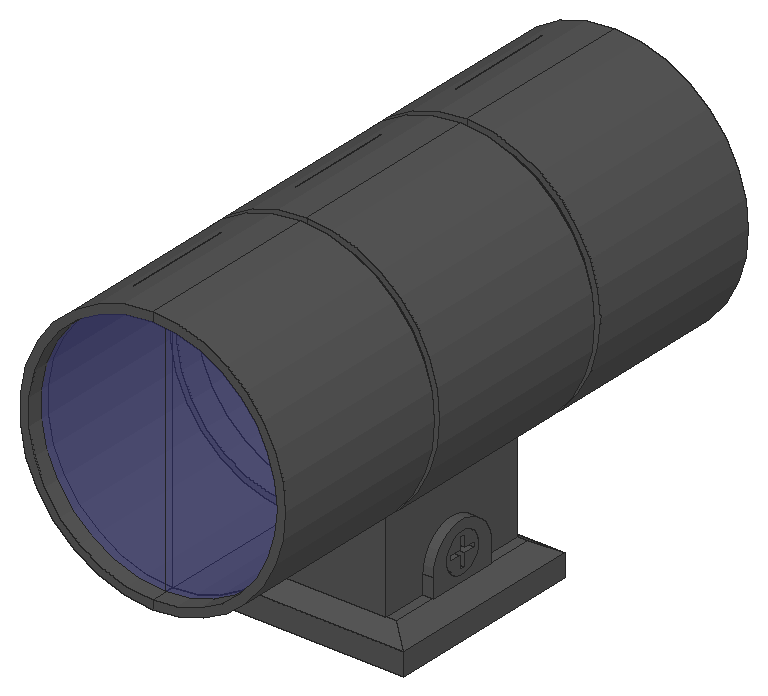
Revit family "CARLO CYLINDER LIGHT WALL MOUNT", category Lighting Fixtures, host Face, Revit 2020 (continued)
Types (10): name | Wattage_Input | Wattage Comments | Wattage | Photometric Web File | built-in parameter 1150142 | Model | built-in parameter 1150105 | Lumens | Light Length 1 | LIGHT RADIUS | LIGHT PLACEMENT | LIGHT LENGTH | LIGHT DIA | built-in parameter 1150106 | FIXED END HEIGHT | Curve base Height | Base Curve | BEAMING ANGLE | Apparent Load
    2 \r\n 199.07 231.53 264.51 297.94 331.36 364.54 396.68 427.13 455.21 480.23 \r\n 501.58 517.42 530.7 543.88 556.58 569.21 581.75 594.25 606.87 619.84 \r\n 632.99 646.24 659.63 673.11 686.87 701.02 715.67 730.73 746.95 764.82 \r\n 785.04 809.12 835.21 862.26 889.25 914.76 938.82 960.72 981.29 1001.2 \r\n 1020.2 1038.7 1056.2 1071.8 1086.6 1102 1117.1 1131.6 1145.6 1158.9 \r\n 1171.9 1184.8 1197.4 1209.2 1220.6 1231.7 1242.3 1252.1 1261.8 1272.4 \r\n 1283.2 1294.3 1305.2 1315.3 1324.8 1333.6 1341.8 1349.7 1357 1363.1 \r\n 1368.3 1372.5 1376 1379 1381.6 1384 1386.2 1388.4 1391 1394.9 \r\n 1399 1402.5 1405.3 1406.5 1407 1407.5 1407.9 1408 1407.8 1406.8 \r\n 1412.7 \r\n1391.1 1387.6 1387.9 1388 1387.7 1387.1 1385.8 1383.4 1380.6 1377.8 \r\n 1375 1372 1368.9 1365.5 1362.3 1359.8 1357.7 1356.1 1354.4 1352.2 \r\n 1349.1 1344.5 1339 1333.3 1326.9 1319.3 1311 1302.6 1293.7 1284.1 \r\n 1274 1263.6 1253.2 1243 1232.8 1222.4 1211.6 1199.9 1187.5 1174.7 \r\n 1161.5 1147.8 1133.7 1119.4 1104.2 1087.7 1070.6 1053.5 1035.9 1017.6 \r\n 998.45 978.01 956.5 933.98 910.48 885.9 860.69 834.74 809.59 786.91 \r\n 766.22 747.87 731.02 714.92 699.69 685.4 671.56 657.61 643.76 630.03 \r\n 616.42 602.93 589.63 576.56 563.75 551.3 539.04 527.46 514.76 499.76 \r\n 481.18 456.6 428.25 397.37 364.57 330.6 296.24 262.57 229.48 196.94 \r\n 165.77 136.23 110.04 89.881 73.107 57.004 44.402 38.558 35.479 31.889 \r\n 28.897 26.635 24.754 22.878 21.218 19.899 18.803 17.864 17.048 16.299 \r\n 15.621 14.999 14.426 13.888 13.391 12.936 12.514 12.116 11.743 11.394 \r\n 11.072 10.776 10.508 10.267 10.054 9.8797 9.718 9.5368 9.3613 9.2164 \r\n 9.0712 8.8966 8.7111 8.5258 8.3335 8.1336 7.9175 7.6704 7.4107 7.1525 \r\n 6.8936 6.6351 6.382 6.1451 5.9083 5.6523 5.3974 5.1614 4.9322 4.7048 \r\n 4.4764 4.2368 4.0041 3.8006 3.603 3.3892 3.178 2.9854 2.7981 2.6052 \r\n 2.415 2.2326 2.0585 1.8978 1.7409 1.573 1.4136 1.2862 1.164 1.0188 \r\n 0.87744 0.76231 0.65824 0.55519 0.46019 0.37868 0.30536 0.23595 0.18632 0.1795 \r\n 0.18969 0.18971 0.20673 0.27108 0.34618 0.43627 0.53533 0.63833 0.74657 0.85698 \r\n 0.97762 1.1212 1.2706 1.407 1.549 1.7155 1.8862 2.0389 2.199 2.3932 \r\n 2.5951 2.7812 2.9685 3.1705 3.3773 3.5819 3.7888 3.9968 4.2159 4.4634 \r\n 4.7153 4.9447 5.1771 5.4363 5.7011 5.9556 6.2081 6.4592 6.7146 6.9836 \r\n 7.2564 7.5249 7.7931 8.0701 8.3331 8.5512 8.7573 8.9834 9.2015 9.3883 \r\n 9.5618 9.7315 9.8993 10.071 10.246 10.416 10.601 10.824 11.066 11.31 \r\n 11.579 11.893 12.238 12.603 12.998 13.424 13.891 14.413 14.989 15.627 \r\n 16.319 17.038 17.845 18.741 19.872 21.438 23.288 25.33 27.583 29.949 \r\n 32.69 35.825 39.987 44.688 53.302 70.361 91.894 114.86 141.01 171.98 \r\n 204.99 237.55 270.39 303.52 336.61 369.58 401.53 431.81 459.55 483.74 \r\n 504.25 519.73 532.87 546.11 558.94 571.6 584.19 596.84 609.61 622.56 \r\n 635.72 649.22 662.85 676.31 689.99 704.14 718.85 734.04 750.46 768.58 \r\n 789.15 813.77 840.32 867.5 894.42 919.69 943.47 965.22 985.67 1005.4 \r\n 1024.3 1042.7 1060 1075.5 1090.4 1105.7 1120.8 1135.1 1149 1162.3 \r\n 1175.2 1188.1 1200.6 1212.3 1223.5 1234.6 1245.4 1255.2 1265.1 1275.9 \r\n 1286.9 1297.8 1308.5 1318.4 1327.7 1336.3 1344.3 1352.1 1359.2 1364.9 \r\n 1369.6 1373.6 1377 1379.9 1382.3 1384.7 1387 1389.6 1392.5 1396.5 \r\n 1400.5 1404 1406.6 1407.8 1408.2 1408.7 1409 1409.1 1408.7 1407.8 \r\n 1412.7 \r\n1391.1 1388.1 1388.6 1388.7 1388.4 1387.9 1386.9 1384.8 1382.2 1379.7 \r\n 1376.9 1374 1370.7 1366.9 1363.1 1360.1 1357.7 1356.1 1354.7 1353 \r\n 1350.5 1346.2 1341.1 1335.7 1329.5 1322 1313.9 1305.8 1297.3 1288 \r\n 1278.2 1267.9 1257.4 1247.1 1236.7 1226.3 1215.4 1203.6 1191.3 1178.6 \r\n 1165.5 1152 1138 1123.6 1108.4 1092 1075 1058 1040.6 1022.5 \r\n 1003.5 983.05 961.54 939.12 915.67 890.98 865.59 839.52 814.17 791.01 \r\n 769.79 751.04 733.89 717.58 702.29 688.17 674.52 660.59 646.72 633 \r\n 619.36 605.63 592.07 578.9 566.05 553.62 541.42 529.84 517.3 502.91 \r\n 485.03 460.97 433.09 402.77 370.3 335.97 301.13 267.23 234.19 202.36 \r\n 171.84 141.95 115.35 95.911 79.365 61.046 46.053 39.712 36.672 32.907 \r\n 29.759 27.335 25.31 23.33 21.59 20.204 19.058 18.086 17.248 16.48 \r\n 15.783 15.141 14.552 14.008 13.506 13.039 12.608 12.21 11.837 11.48 \r\n 11.147 10.846 10.572 10.324 10.104 9.9215 9.7529 9.57 9.3934 9.2432 \r\n 9.0936 8.9214 8.739 8.5516 8.3572 8.1591 7.9466 7.7051 7.4503 7.1928 \r\n 6.9333 6.6743 6.4211 6.1846 5.9495 5.6995 5.4483 5.2043 4.9673 4.7444 \r\n 4.5222 4.2826 4.0471 3.8376 3.635 3.4236 3.2156 3.0204 2.8298 2.6376 \r\n 2.4479 2.2627 2.0859 1.9268 1.7714 1.6008 1.4383 1.3108 1.1893 1.0452 \r\n 0.90404 0.78561 0.6782 0.57551 0.48118 0.39769 0.32225 0.25374 0.20479 0.19578 \r\n 0.20241 0.19735 0.21008 0.27434 0.34994 0.44523 0.54987 0.65494 0.76462 0.87858 \r\n 1.0016 1.1421 1.2887 1.4278 1.5742 1.745 1.919 2.0702 2.229 2.4281 \r\n 2.6337 2.8142 2.9958 3.2 3.4098 3.6113 3.8164 4.0318 4.2586 4.5064 \r\n 4.7562 4.9832 5.2133 5.4704 5.7349 5.994 6.2518 6.5056 6.7625 7.0313 \r\n 7.3036 7.5721 7.841 8.1208 8.3845 8.5953 8.793 9.0166 9.2322 9.4106 \r\n 9.5762 9.7455 9.913 10.076 10.243 10.417 10.61 10.842 11.094 11.348 \r\n 11.626 11.948 12.301 12.677 13.084 13.524 14.005 14.531 15.113 15.767 \r\n 16.478 17.213 18.041 18.967 20.151 21.841 23.78 25.729 27.883 30.311 \r\n 33.161 36.333 40.628 45.872 54.898 71.409 92.634 116.93 144.63 176.31 \r\n 209.66 242.33 275.09 307.98 340.77 373.6 405.42 435.58 463.09 486.63 \r\n 506.5 521.7 534.74 547.99 560.86 573.53 586.14 598.92 611.8 624.72 \r\n 637.89 651.64 665.51 678.95 692.55 706.7 721.45 736.76 753.36 771.72 \r\n 792.59 817.64 844.55 871.84 898.71 923.8 947.38 969.07 989.48 1009.1 \r\n 1027.9 1046.2 1063.5 1079 1093.8 1109.1 1124.1 1138.3 1152 1165.4 \r\n 1178.3 1191.2 1203.6 1215.1 1226.2 1237.4 1248.2 1258.2 1268.2 1279.2 \r\n 1290.4 1301.2 1311.5 1321.3 1330.5 1338.9 1346.7 1354.4 1361.3 1366.6 \r\n 1371 1374.8 1378 1380.6 1383 1385.3 1387.8 1390.7 1394 1398 \r\n 1401.9 1405.3 1407.9 1409 1409.4 1409.9 1410.1 1410.1 1409.7 1408.7 \r\n 1412.7 \r\n1391.1 1390.3 1390.8 1391 1390.9 1390.4 1389.5 1387.7 1385.4 1383 \r\n 1380.4 1377.3 1373.9 1369.7 1365.5 1362.2 1359.6 1358 1356.8 1355.4 \r\n 1353.3 1349.3 1344.3 1339.1 1333 1325.6 1317.5 1309.6 1301.3 1292.2 \r\n 1282.5 1272.1 1261.5 1251.1 1240.7 1230.2 1219.2 1207.5 1195.2 1182.6 \r\n 1169.7 1156.2 1142.3 1127.9 1112.8 1096.5 1079.7 1063 1045.7 1027.7 \r\n 1008.7 988.44 967.04 944.72 921.34 896.58 871.06 844.86 819.25 795.56 \r\n 773.78 754.65 737.22 720.77 705.43 691.37 677.81 663.91 650.03 636.31 \r\n 622.62 608.74 595.03 581.83 569 556.58 544.41 532.83 520.42 506.52 \r\n 489.24 465.61 438.13 408.27 376.09 341.63 306.53 272.46 239.35 207.75 \r\n 177.39 147.15 120.16 100.96 84.302 64.258 47.471 40.715 37.666 33.759 \r\n 30.492 27.939 25.798 23.731 21.921 20.477 19.285 18.287 17.431 16.646 \r\n 15.936 15.279 14.675 14.124 13.616 13.142 12.704 12.304 11.93 11.566 \r\n 11.226 10.919 10.641 10.388 10.164 9.976 9.8029 9.619 9.4416 9.2869 \r\n 9.1334 8.9631 8.7831 8.5939 8.3976 8.2009 7.9909 7.7513 7.4982 7.2419 \r\n 6.9829 6.7232 6.4685 6.2297 5.9935 5.7472 5.4985 5.248 5.0042 4.7825 \r\n 4.5628 4.3222 4.0843 3.8708 3.665 3.4549 3.2482 3.0503 2.857 2.666 \r\n 2.4775 2.2897 2.1103 1.9522 1.7979 1.6254 1.4606 1.3319 1.2099 1.0669 \r\n 0.92645 0.80555 0.69534 0.59202 0.49741 0.41266 0.33602 0.26806 0.21959 0.20948 \r\n 0.2141 0.20587 0.21555 0.27757 0.3534 0.45043 0.55708 0.6633 0.77418 0.8906 \r\n 1.0151 1.1532 1.2973 1.4378 1.5866 1.76 1.9358 2.0863 2.2444 2.4458 \r\n 2.6531 2.8298 3.0076 3.2134 3.4254 3.626 3.8308 4.0505 4.2816 4.5301 \r\n 4.7778 5.0038 5.2328 5.489 5.7536 6.0148 6.2753 6.5317 6.7905 7.0597 \r\n 7.3312 7.5983 7.8659 8.147 8.4111 8.6173 8.8095 9.0301 9.2426 9.4154 \r\n 9.5762 9.7451 9.9126 10.071 10.234 10.41 10.608 10.845 11.103 11.364 \r\n 11.65 11.98 12.341 12.725 13.139 13.588 14.077 14.607 15.193 15.856 \r\n 16.578 17.321 18.161 19.104 20.313 22.055 24.028 25.92 28.02 30.485 \r\n 33.399 36.611 40.984 46.443 55.644 72.002 93.163 117.96 146.24 178.11 \r\n 211.56 244.37 277.21 310.05 342.78 375.61 407.44 437.61 465.08 488.42 \r\n 508.06 523.16 536.13 549.32 562.17 574.81 587.42 600.25 613.18 626.13 \r\n 639.35 653.26 667.28 680.72 694.28 708.42 723.2 738.58 755.3 773.81 \r\n 794.85 820.12 847.23 874.55 901.39 926.4 949.92 971.68 992.17 1011.8 \r\n 1030.5 1048.8 1066.2 1081.7 1096.6 1111.9 1126.8 1140.9 1154.6 1167.9 \r\n 1180.9 1193.8 1206.1 1217.6 1228.6 1239.8 1250.6 1260.7 1270.9 1282.1 \r\n 1293.4 1304 1314.1 1323.8 1332.9 1341.1 1348.8 1356.4 1363.1 1368.2 \r\n 1372.3 1375.8 1378.9 1381.3 1383.6 1385.9 1388.6 1391.8 1395.3 1399.4 \r\n 1403.2 1406.5 1409 1410.1 1410.6 1411.1 1411.3 1411.2 1410.7 1409.7 \r\n 1412.7 \r\n1391.1 1394.2 1394.9 1395.2 1395.2 1394.8 1393.9 1392.3 1390.3 1388.1 \r\n 1385.4 1382.1 1378.5 1374.1 1369.8 1366.4 1363.7 1362.1 1360.9 1359.7 \r\n 1357.7 1353.7 1348.7 1343.6 1337.6 1330.2 1322.1 1314.1 1305.8 1296.6 \r\n 1286.9 1276.4 1265.6 1255.1 1244.6 1234.1 1223.2 1211.5 1199.3 1186.8 \r\n 1173.8 1160.5 1146.6 1132.3 1117.3 1101.3 1084.9 1068.4 1051.3 1033.3 \r\n 1014.3 994.25 973.09 950.9 927.58 902.84 877.24 850.87 824.95 800.69 \r\n 778.32 758.81 741.14 724.59 709.22 695.1 681.51 667.64 653.8 640.03 \r\n 626.27 612.34 598.61 585.45 572.68 560.28 548.13 536.54 524.24 510.76 \r\n 493.96 470.7 443.55 414.01 382.09 347.75 312.65 278.48 245.14 213.17 \r\n 182.41 151.8 124.45 104.91 87.734 66.525 48.631 41.551 38.439 34.427 \r\n 31.081 28.436 26.21 24.075 22.208 20.714 19.483 18.463 17.594 16.799 \r\n 16.079 15.411 14.798 14.236 13.721 13.243 12.802 12.399 12.021 11.651 \r\n 11.306 10.996 10.716 10.46 10.233 10.044 9.8688 9.6849 9.5072 9.3489 \r\n 9.1924 9.0234 8.8451 8.6546 8.4569 8.2615 8.0525 7.8108 7.5556 7.3012 \r\n 7.0441 6.7831 6.5255 6.2816 6.041 5.7958 5.5481 5.2929 5.0437 4.8196 \r\n 4.5983 4.3554 4.1155 3.9005 3.6937 3.4832 3.276 3.0753 2.8799 2.6906 \r\n 2.5039 2.3139 2.132 1.9741 1.8202 1.6467 1.4804 1.3493 1.2256 1.0838 \r\n 0.94443 0.82202 0.70961 0.60447 0.50841 0.42322 0.34638 0.27853 0.23025 0.22041 \r\n 0.2248 0.21492 0.22252 0.28096 0.35675 0.45162 0.55626 0.66263 0.7744 0.89201 \r\n 1.0172 1.1535 1.2956 1.4359 1.5851 1.7587 1.9348 2.0854 2.2434 2.4446 \r\n 2.6512 2.8262 3.0026 3.2088 3.422 3.624 3.83 4.0502 4.2812 4.5291 \r\n 4.7764 5.0034 5.2337 5.4908 5.7558 6.0162 6.2763 6.5353 6.7967 7.0665 \r\n 7.3373 7.6012 7.8655 8.1462 8.4102 8.6149 8.8048 9.0218 9.2305 9.4008 \r\n 9.5599 9.7284 9.896 10.055 10.218 10.395 10.593 10.83 11.09 11.357 \r\n 11.649 11.985 12.352 12.741 13.16 13.611 14.101 14.635 15.224 15.887 \r\n 16.608 17.355 18.197 19.14 20.342 22.057 24 25.879 27.976 30.448 \r\n 33.379 36.636 41.02 46.328 55.441 72.128 93.525 117.91 145.63 177.15 \r\n 210.42 243.38 276.49 309.52 342.42 375.43 407.44 437.74 465.36 489 \r\n 508.91 524.07 537.01 550.09 562.81 575.4 587.99 600.78 613.72 626.74 \r\n 640.05 654.04 668.11 681.57 695.14 709.26 724.03 739.45 756.22 774.77 \r\n 795.84 821.11 848.2 875.48 902.31 927.35 950.97 972.93 993.6 1013.2 \r\n 1032 1050.4 1067.9 1083.6 1098.7 1113.8 1128.6 1142.8 1156.5 1169.8 \r\n 1182.9 1195.7 1208.1 1219.6 1230.7 1241.8 1252.6 1262.8 1273 1284.4 \r\n 1295.7 1306.2 1316.2 1325.8 1334.8 1343 1350.6 1358 1364.5 1369.5 \r\n 1373.5 1376.8 1379.6 1381.9 1384.1 1386.5 1389.2 1392.6 1396.4 1400.6 \r\n 1404.5 1407.7 1410.1 1411.1 1411.6 1412.2 1412.4 1412.3 1411.7 1410.7 \r\n 1412.7 \r\n1391.1 1399.5 1400.2 1400.7 1400.8 1400.4 1399.5 1398.2 1396.5 1394.3 \r\n 1391.6 1388.1 1384.2 1379.7 1375.4 1372 1369.4 1367.7 1366.3 1365.1 \r\n 1363.1 1359.1 1354 1348.8 1342.7 1335.3 1327.2 1319 1310.4 1301.2 \r\n 1291.3 1280.6 1269.7 1259.1 1248.6 1238.1 1227.3 1215.6 1203.5 1190.9 \r\n 1178 1164.7 1151 1136.7 1121.8 1106.3 1090.3 1074 1057.1 1039 \r\n 1020 1000.2 979.38 957.31 934.03 909.32 883.68 857.13 830.9 806.03 \r\n 783.04 763.16 745.27 728.65 713.26 699.03 685.34 671.52 657.74 643.91 \r\n 630.09 616.17 602.49 589.44 576.78 564.38 552.21 540.58 528.32 515.12 \r\n 498.67 475.7 448.81 419.53 387.84 353.76 318.81 284.56 250.93 218.34 \r\n 186.91 155.96 128.26 108.15 90.278 68.234 49.619 42.268 39.063 34.974 \r\n 31.577 28.862 26.569 24.378 22.463 20.924 19.659 18.621 17.743 16.939 \r\n 16.212 15.537 14.916 14.345 13.822 13.343 12.902 12.494 12.111 11.738 \r\n 11.389 11.077 10.796 10.54 10.313 10.122 9.9474 9.7642 9.5864 9.4246 \r\n 9.2647 9.0964 8.9194 8.7273 8.5279 8.333 8.1239 7.8777 7.6185 7.3664 \r\n 7.112 6.8492 6.5876 6.3364 6.0892 5.8438 5.5966 5.3375 5.0832 4.8541 \r\n 4.6284 4.3828 4.1412 3.9258 3.7188 3.5075 3.2988 3.0951 2.8975 2.7106 \r\n 2.5264 2.3345 2.1501 1.9921 1.8384 1.6647 1.4973 1.3631 1.2368 1.0964 \r\n 0.95881 0.83544 0.72115 0.61369 0.51574 0.43064 0.35426 0.28647 0.23837 0.22943 \r\n 0.23443 0.22393 0.23008 0.28389 0.3594 0.44963 0.54969 0.65559 0.76811 0.88624 \r\n 1.0114 1.1461 1.2864 1.4255 1.5739 1.7467 1.9222 2.0734 2.2315 2.4307 \r\n 2.635 2.8094 2.9858 3.1915 3.405 3.6097 3.8177 4.0356 4.2635 4.51 \r\n 4.7571 4.9877 5.2221 5.4809 5.746 6.0039 6.2621 6.5236 6.7881 7.0589 \r\n 7.3287 7.5882 7.8479 8.127 8.3907 8.5961 8.7858 8.9988 9.2036 9.3735 \r\n 9.5333 9.7015 9.8695 10.031 10.197 10.373 10.57 10.805 11.065 11.336 \r\n 11.635 11.976 12.347 12.74 13.161 13.61 14.099 14.635 15.226 15.883 \r\n 16.597 17.343 18.181 19.115 20.289 21.925 23.798 25.689 27.812 30.272 \r\n 33.188 36.492 40.846 45.773 54.613 71.832 93.568 116.97 143.47 174.27 \r\n 207.17 240.31 273.8 307.15 340.38 373.68 405.97 436.5 464.42 488.69 \r\n 509.19 524.54 537.48 550.4 562.91 575.43 587.97 600.68 613.57 626.68 \r\n 640.1 654.12 668.2 681.69 695.28 709.39 724.13 739.56 756.33 774.86 \r\n 795.87 820.98 847.91 875.11 901.93 927.1 950.92 973.19 994.16 1013.9 \r\n 1032.7 1051.3 1069 1085 1100.2 1115.3 1130 1144.2 1158 1171.4 \r\n 1184.4 1197.3 1209.8 1221.3 1232.5 1243.4 1254.2 1264.5 1274.9 1286.3 \r\n 1297.6 1308.1 1318 1327.5 1336.4 1344.6 1352.2 1359.4 1365.7 1370.7 \r\n 1374.7 1377.7 1380.2 1382.4 1384.5 1386.9 1389.7 1393.4 1397.4 1401.6 \r\n 1405.6 1408.7 1411 1412.1 1412.6 1413.3 1413.6 1413.4 1412.7 1411.7 \r\n 1412.7 \r\n1391.1 1406 1406.8 1407.5 1407.8 1407.3 1406.3 1405.4 1403.9 1401.8 \r\n 1399 1395.2 1391.1 1386.5 1382.3 1379.1 1376.5 1374.7 1373.1 1371.6 \r\n 1369.5 1365.4 1360.2 1354.8 1348.5 1341 1332.8 1324.3 1315.4 1305.8 \r\n 1295.7 1284.8 1273.7 1263 1252.5 1242 1231.3 1219.8 1207.7 1195.1 \r\n 1182.1 1168.9 1155.4 1141.1 1126.4 1111.4 1095.9 1079.9 1063.1 1044.9 \r\n 1025.9 1006.4 985.89 963.94 940.69 916.03 890.36 863.65 837.09 811.59 \r\n 787.96 767.71 749.6 732.96 717.57 703.16 689.31 675.55 661.85 647.97 \r\n 634.09 620.24 606.69 593.8 581.27 568.88 556.66 544.94 532.64 519.59 \r\n 503.36 480.6 453.92 424.82 393.36 359.66 325 290.71 256.73 223.25 \r\n 190.89 159.62 131.62 110.66 91.933 69.386 50.437 42.866 39.538 35.399 \r\n 31.983 29.217 26.873 24.638 22.684 21.106 19.81 18.76 17.877 17.068 \r\n 16.337 15.658 15.032 14.451 13.919 13.441 13.002 12.59 12.201 11.825 \r\n 11.475 11.163 10.882 10.628 10.402 10.213 10.039 9.8569 9.6794 9.514 \r\n 9.3503 9.1823 9.006 8.8121 8.6105 8.4156 8.2052 7.952 7.6869 7.4375 \r\n 7.1864 6.9216 6.6548 6.3941 6.138 5.8913 5.644 5.3817 5.1225 4.886 \r\n 4.6532 4.4043 4.1614 3.9467 3.7405 3.5278 3.3168 3.1097 2.9099 2.7259 \r\n 2.545 2.3515 2.1646 2.006 1.8523 1.6791 1.5114 1.3732 1.2434 1.1047 \r\n 0.9696 0.84583 0.72995 0.61968 0.51938 0.43493 0.35967 0.2919 0.24397 0.23655 \r\n 0.243 0.23287 0.23826 0.28851 0.36135 0.44445 0.53739 0.6422 0.75532 0.87329 \r\n 0.99799 1.1313 1.2696 1.4068 1.5531 1.7238 1.898 2.0502 2.2089 2.4041 \r\n 2.6046 2.7796 2.9573 3.1616 3.3743 3.583 3.7939 4.0067 4.2285 4.4729 \r\n 4.7219 4.958 5.1982 5.4592 5.7242 5.978 6.2325 6.4967 6.7649 7.0368 \r\n 7.3055 7.5593 7.813 8.0896 8.3528 8.5608 8.7525 8.9611 9.1617 9.3336 \r\n 9.4965 9.6644 9.8328 10.001 10.172 10.346 10.539 10.769 11.026 11.301 \r\n 11.606 11.951 12.326 12.721 13.142 13.586 14.069 14.608 15.199 15.845 \r\n 16.546 17.287 18.114 19.028 20.155 21.659 23.422 25.348 27.527 29.957 \r\n 32.828 36.182 40.46 44.779 53.16 71.116 93.294 115.16 139.76 169.48 \r\n 201.82 235.14 269.15 302.96 336.65 370.36 403.03 433.88 462.26 487.49 \r\n 508.9 524.58 537.55 550.24 562.47 574.89 587.36 599.93 612.73 625.95 \r\n 639.5 653.5 667.55 681.08 694.71 708.79 723.5 738.91 755.64 774.09 \r\n 794.95 819.74 846.35 873.42 900.26 925.64 949.79 972.48 993.83 1013.7 \r\n 1032.6 1051.5 1069.5 1085.8 1101.2 1116.2 1130.8 1145.1 1159.1 1172.
